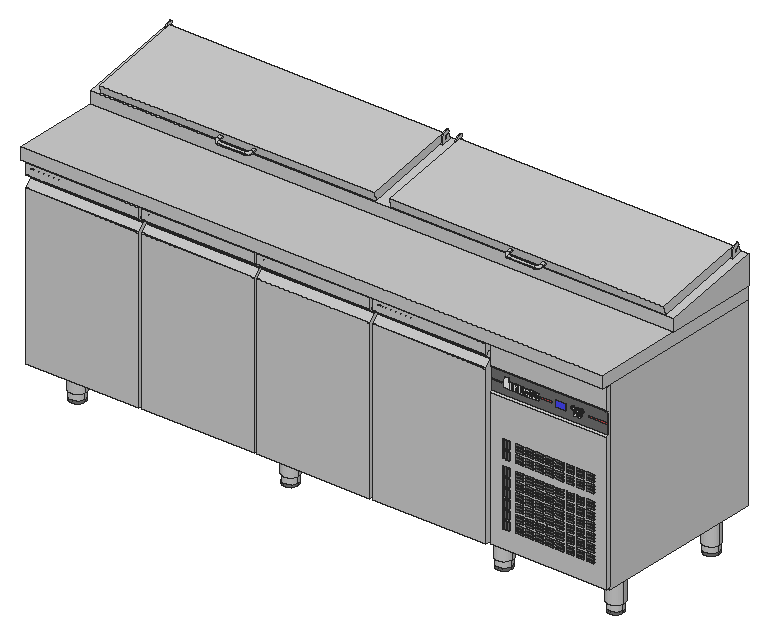
Revit family "QF_INOMAK_ZPZP9999_250612094629", category Specialty Equipment, Revit 2021 (continued)
Definition of nested family "QF_INOMAK_REF_COUNTERS_2242_2920"
  Definition of nested family "QF_INOMAK_CONRTOL-PANEL"
    Forms (mm)
      Extrusion 1, solid
        sketch origin (-2240, -700, 0) x (-1, 0, 0) y (0, 0, 1)
          loop
            arc (-1918.4, 258.855) -> (-1921.4, 255.855) -> (-1918.4, 252.855) r 3
            line (-1918.4, 252.855) -> (-1894.4, 252.855)
            arc (-1894.4, 252.855) -> (-1891.4, 255.855) -> (-1894.4, 258.855) r 3
            line (-1894.4, 258.855) -> (-1918.4, 258.855)
          loop
            arc (-2191.4, 247.855) -> (-2194.4, 244.855) -> (-2191.4, 241.855) r 3
            line (-2191.4, 241.855) -> (-2167.4, 241.855)
            arc (-2167.4, 241.855) -> (-2164.4, 244.855) -> (-2167.4, 247.855) r 3
            line (-2167.4, 247.855) -> (-2191.4, 247.855)
          loop
            arc (-2152.4, 247.855) -> (-2155.4, 244.855) -> (-2152.4, 241.855) r 3
            line (-2152.4, 241.855) -> (-2128.4, 241.855)
            arc (-2128.4, 241.855) -> (-2125.4, 244.855) -> (-2128.4, 247.855) r 3
            line (-2128.4, 247.855) -> (-2152.4, 247.855)
          loop
            arc (-2113.4, 247.855) -> (-2116.4, 244.855) -> (-2113.4, 241.855) r 3
            line (-2113.4, 241.855) -> (-2089.4, 241.855)
            arc (-2089.4, 241.855) -> (-2086.4, 244.855) -> (-2089.4, 247.855) r 3
            line (-2089.4, 247.855) -> (-2113.4, 247.855)
          loop
            arc (-2074.4, 247.855) -> (-2077.4, 244.855) -> (-2074.4, 241.855) r 3
            line (-2074.4, 241.855) -> (-2050.4, 241.855)
            arc (-2050.4, 241.855) -> (-2047.4, 244.855) -> (-2050.4, 247.855) r 3
            line (-2050.4, 247.855) -> (-2074.4, 247.855)
          loop
            arc (-2035.4, 247.855) -> (-2038.4, 244.855) -> (-2035.4, 241.855) r 3
            line (-2035.4, 241.855) -> (-2011.4, 241.855)
            arc (-2011.4, 241.855) -> (-2008.4, 244.855) -> (-2011.4, 247.855) r 3
            line (-2011.4, 247.855) -> (-2035.4, 247.855)
          loop
            arc (-1996.4, 247.855) -> (-1999.4, 244.855) -> (-1996.4, 241.855) r 3
            line (-1996.4, 241.855) -> (-1972.4, 241.855)
            arc (-1972.4, 241.855) -> (-1969.4, 244.855) -> (-1972.4, 247.855) r 3
            line (-1972.4, 247.855) -> (-1996.4, 247.855)
          loop
            arc (-1957.4, 247.855) -> (-1960.4, 244.855) -> (-1957.4, 241.855) r 3
            line (-1957.4, 241.855) -> (-1933.4, 241.855)
            arc (-1933.4, 241.855) -> (-1930.4, 244.855) -> (-1933.4, 247.855) r 3
            line (-1933.4, 247.855) -> (-1957.4, 247.855)
          loop
            arc (-1918.4, 247.855) -> (-1921.4, 244.855) -> (-1918.4, 241.855) r 3
            line (-1918.4, 241.855) -> (-1894.4, 241.855)
            arc (-1894.4, 241.855) -> (-1891.4, 244.855) -> (-1894.4, 247.855) r 3
            line (-1894.4, 247.855) -> (-1918.4, 247.855)
          loop
            arc (-2191.4, 236.855) -> (-2194.4, 233.855) -> (-2191.4, 230.855) r 3
            line (-2191.4, 230.855) -> (-2167.4, 230.855)
            arc (-2167.4, 230.855) -> (-2164.4, 233.855) -> (-2167.4, 236.855) r 3
            line (-2167.4, 236.855) -> (-2191.4, 236.855)
          loop
            arc (-2152.4, 236.855) -> (-2155.4, 233.855) -> (-2152.4, 230.855) r 3
            line (-2152.4, 230.855) -> (-2128.4, 230.855)
            arc (-2128.4, 230.855) -> (-2125.4, 233.855) -> (-2128.4, 236.855) r 3
            line (-2128.4, 236.855) -> (-2152.4, 236.855)
          loop
            arc (-2113.4, 236.855) -> (-2116.4, 233.855) -> (-2113.4, 230.855) r 3
            line (-2113.4, 230.855) -> (-2089.4, 230.855)
            arc (-2089.4, 230.855) -> (-2086.4, 233.855) -> (-2089.4, 236.855) r 3
            line (-2089.4, 236.855) -> (-2113.4, 236.855)
          loop
            arc (-2074.4, 236.855) -> (-2077.4, 233.855) -> (-2074.4, 230.855) r 3
            line (-2074.4, 230.855) -> (-2050.4, 230.855)
            arc (-2050.4, 230.855) -> (-2047.4, 233.855) -> (-2050.4, 236.855) r 3
            line (-2050.4, 236.855) -> (-2074.4, 236.855)
          loop
            arc (-2035.4, 236.855) -> (-2038.4, 233.855) -> (-2035.4, 230.855) r 3
            line (-2035.4, 230.855) -> (-2011.4, 230.855)
            arc (-2011.4, 230.855) -> (-2008.4, 233.855) -> (-2011.4, 236.855) r 3
            line (-2011.4, 236.855) -> (-2035.4, 236.855)
          loop
            arc (-1996.4, 236.855) -> (-1999.4, 233.855) -> (-1996.4, 230.855) r 3
            line (-1996.4, 230.855) -> (-1972.4, 230.855)
            arc (-1972.4, 230.855) -> (-1969.4, 233.855) -> (-1972.4, 236.855) r 3
            line (-1972.4, 236.855) -> (-1996.4, 236.855)
          loop
            arc (-1957.4, 236.855) -> (-1960.4, 233.855) -> (-1957.4, 230.855) r 3
            line (-1957.4, 230.855) -> (-1933.4, 230.855)
            arc (-1933.4, 230.855) -> (-1930.4, 233.855) -> (-1933.4, 236.855) r 3
            line (-1933.4, 236.855) -> (-1957.4, 236.855)
          loop
            arc (-1918.4, 236.855) -> (-1921.4, 233.855) -> (-1918.4, 230.855) r 3
            line (-1918.4, 230.855) -> (-1894.4, 230.855)
            arc (-1894.4, 230.855) -> (-1891.4, 233.855) -> (-1894.4, 236.855) r 3
            line (-1894.4, 236.855) -> (-1918.4, 236.855)
          loop
            arc (-2191.4, 221.855) -> (-2194.4, 218.855) -> (-2191.4, 215.855) r 3
            line (-2191.4, 215.855) -> (-2167.4, 215.855)
            arc (-2167.4, 215.855) -> (-2164.4, 218.855) -> (-2167.4, 221.855) r 3
            line (-2167.4, 221.855) -> (-2191.4, 221.855)
          loop
            arc (-2152.4, 221.855) -> (-2155.4, 218.855) -> (-2152.4, 215.855) r 3
            line (-2152.4, 215.855) -> (-2128.4, 215.855)
            arc (-2128.4, 215.855) -> (-2125.4, 218.855) -> (-2128.4, 221.855) r 3
            line (-2128.4, 221.855) -> (-2152.4, 221.855)
          loop
            arc (-2113.4, 221.855) -> (-2116.4, 218.855) -> (-2113.4, 215.855) r 3
            line (-2113.4, 215.855) -> (-2089.4, 215.855)
            arc (-2089.4, 215.855) -> (-2086.4, 218.855) -> (-2089.4, 221.855) r 3
            line (-2089.4, 221.855) -> (-2113.4, 221.855)
          loop
            arc (-2074.4, 221.855) -> (-2077.4, 218.855) -> (-2074.4, 215.855) r 3
            line (-2074.4, 215.855) -> (-2050.4, 215.855)
            arc (-2050.4, 215.855) -> (-2047.4, 218.855) -> (-2050.4, 221.855) r 3
            line (-2050.4, 221.855) -> (-2074.4, 221.855)
          loop
            arc (-2035.4, 221.855) -> (-2038.4, 218.855) -> (-2035.4, 215.855) r 3
            line (-2035.4, 215.855) -> (-2011.4, 215.855)
            arc (-2011.4, 215.855) -> (-2008.4, 218.855) -> (-2011.4, 221.855) r 3
            line (-2011.4, 221.855) -> (-2035.4, 221.855)
          loop
            arc (-1996.4, 221.855) -> (-1999.4, 218.855) -> (-1996.4, 215.855) r 3
            line (-1996.4, 215.855) -> (-1972.4, 215.855)
            arc (-1972.4, 215.855) -> (-1969.4, 218.855) -> (-1972.4, 221.855) r 3
            line (-1972.4, 221.855) -> (-1996.4, 221.855)
          loop
            arc (-1957.4, 221.855) -> (-1960.4, 218.855) -> (-1957.4, 215.855) r 3
            line (-1957.4, 215.855) -> (-1933.4, 215.855)
            arc (-1933.4, 215.855) -> (-1930.4, 218.855) -> (-1933.4, 221.855) r 3
            line (-1933.4, 221.855) -> (-1957.4, 221.855)
          loop
            arc (-1918.4, 221.855) -> (-1921.4, 218.855) -> (-1918.4, 215.855) r 3
            line (-1918.4, 215.855) -> (-1894.4, 215.855)
            arc (-1894.4, 215.855) -> (-1891.4, 218.855) -> (-1894.4, 221.855) r 3
            line (-1894.4, 221.855) -> (-1918.4, 221.855)
          loop
            arc (-2191.4, 210.855) -> (-2194.4, 207.855) -> (-2191.4, 204.855) r 3
            line (-2191.4, 204.855) -> (-2167.4, 204.855)
            arc (-2167.4, 204.855) -> (-2164.4, 207.855) -> (-2167.4, 210.855) r 3
            line (-2167.4, 210.855) -> (-2191.4, 210.855)
          loop
            arc (-2152.4, 210.855) -> (-2155.4, 207.855) -> (-2152.4, 204.855) r 3
            line (-2152.4, 204.855) -> (-2128.4, 204.855)
            arc (-2128.4, 204.855) -> (-2125.4, 207.855) -> (-2128.4, 210.855) r 3
            line (-2128.4, 210.855) -> (-2152.4, 210.855)
          loop
            arc (-2113.4, 210.855) -> (-2116.4, 207.855) -> (-2113.4, 204.855) r 3
            line (-2113.4, 204.855) -> (-2089.4, 204.855)
            arc (-2089.4, 204.855) -> (-2086.4, 207.855) -> (-2089.4, 210.855) r 3
            line (-2089.4, 210.855) -> (-2113.4, 210.855)
          loop
            arc (-2074.4, 210.855) -> (-2077.4, 207.855) -> (-2074.4, 204.855) r 3
            line (-2074.4, 204.855) -> (-2050.4, 204.855)
            arc (-2050.4, 204.855) -> (-2047.4, 207.855) -> (-2050.4, 210.855) r 3
            line (-2050.4, 210.855) -> (-2074.4, 210.855)
          loop
            arc (-2035.4, 210.855) -> (-2038.4, 207.855) -> (-2035.4, 204.855) r 3
            line (-2035.4, 204.855) -> (-2011.4, 204.855)
            arc (-2011.4, 204.855) -> (-2008.4, 207.855) -> (-2011.4, 210.855) r 3
            line (-2011.4, 210.855) -> (-2035.4, 210.855)
          loop
            arc (-1996.4, 210.855) -> (-1999.4, 207.855) -> (-1996.4, 204.855) r 3
            line (-1996.4, 204.855) -> (-1972.4, 204.855)
            arc (-1972.4, 204.855) -> (-1969.4, 207.855) -> (-1972.4, 210.855) r 3
            line (-1972.4, 210.855) -> (-1996.4, 210.855)
          loop
            arc (-1957.4, 210.855) -> (-1960.4, 207.855) -> (-1957.4, 204.855) r 3
            line (-1957.4, 204.855) -> (-1933.4, 204.855)
            arc (-1933.4, 204.855) -> (-1930.4, 207.855) -> (-1933.4, 210.855) r 3
            line (-1933.4, 210.855) -> (-1957.4, 210.855)
          loop
            arc (-1918.4, 210.855) -> (-1921.4, 207.855) -> (-1918.4, 204.855) r 3
            line (-1918.4, 204.855) -> (-1894.4, 204.855)
            arc (-1894.4, 204.855) -> (-1891.4, 207.855) -> (-1894.4, 210.855) r 3
            line (-1894.4, 210.855) -> (-1918.4, 210.855)
          loop
            arc (-2191.4, 199.855) -> (-2194.4, 196.855) -> (-2191.4, 193.855) r 3
            line (-2191.4, 193.855) -> (-2167.4, 193.855)
            arc (-2167.4, 193.855) -> (-2164.4, 196.855) -> (-2167.4, 199.855) r 3
            line (-2167.4, 199.855) -> (-2191.4, 199.855)
          loop
            arc (-2152.4, 199.855) -> (-2155.4, 196.855) -> (-2152.4, 193.855) r 3
            line (-2152.4, 193.855) -> (-2128.4, 193.855)
            arc (-2128.4, 193.855) -> (-2125.4, 196.855) -> (-2128.4, 199.855) r 3
            line (-2128.4, 199.855) -> (-2152.4, 199.855)
          loop
            arc (-2113.4, 199.855) -> (-2116.4, 196.855) -> (-2113.4, 193.855) r 3
            line (-2113.4, 193.855) -> (-2089.4, 193.855)
            arc (-2089.4, 193.855) -> (-2086.4, 196.855) -> (-2089.4, 199.855) r 3
            line (-2089.4, 199.855) -> (-2113.4, 199.855)
          loop
            arc (-2074.4, 199.855) -> (-2077.4, 196.855) -> (-2074.4, 193.855) r 3
            line (-2074.4, 193.855) -> (-2050.4, 193.855)
            arc (-2050.4, 193.855) -> (-2047.4, 196.855) -> (-2050.4, 199.855) r 3
            line (-2050.4, 199.855) -> (-2074.4, 199.855)
          loop
            arc (-2035.4, 199.855) -> (-2038.4, 196.855) -> (-2035.4, 193.855) r 3
            line (-2035.4, 193.855) -> (-2011.4, 193.855)
            arc (-2011.4, 193.855) -> (-2008.4, 196.855) -> (-2011.4, 199.855) r 3
            line (-2011.4, 199.855) -> (-2035.4, 199.855)
          loop
            arc (-1996.4, 199.855) -> (-1999.4, 196.855) -> (-1996.4, 193.855) r 3
            line (-1996.4, 193.855) -> (-1972.4, 193.855)
            arc (-1972.4, 193.855) -> (-1969.4, 196.855) -> (-1972.4, 199.855) r 3
            line (-1972.4, 199.855) -> (-1996.4, 199.855)
          loop
            arc (-1957.4, 199.855) -> (-1960.4, 196.855) -> (-1957.4, 193.855) r 3
            line (-1957.4, 193.855) -> (-1933.4, 193.855)
            arc (-1933.4, 193.855) -> (-1930.4, 196.855) -> (-1933.4, 199.855) r 3
            line (-1933.4, 199.855) -> (-1957.4, 199.855)
          loop
            arc (-1918.4, 199.855) -> (-1921.4, 196.855) -> (-1918.4, 193.855) r 3
            line (-1918.4, 193.855) -> (-1894.4, 193.855)
            arc (-1894.4, 193.855) -> (-1891.4, 196.855) -> (-1894.4, 199.855) r 3
            line (-1894.4, 199.855) -> (-1918.4, 199.855)
          loop
            arc (-2191.4, 184.855) -> (-2194.4, 181.855) -> (-2191.4, 178.855) r 3
            line (-2191.4, 178.855) -> (-2167.4, 178.855)
            arc (-2167.4, 178.855) -> (-2164.4, 181.855) -> (-2167.4, 184.855) r 3
            line (-2167.4, 184.855) -> (-2191.4, 184.855)
          loop
            arc (-2152.4, 184.855) -> (-2155.4, 181.855) -> (-2152.4, 178.855) r 3
            line (-2152.4, 178.855) -> (-2128.4, 178.855)
            arc (-2128.4, 178.855) -> (-2125.4, 181.855) -> (-2128.4, 184.855) r 3
            line (-2128.4, 184.855) -> (-2152.4, 184.855)
          loop
            arc (-2113.4, 184.855) -> (-2116.4, 181.855) -> (-2113.4, 178.855) r 3
            line (-2113.4, 178.855) -> (-2089.4, 178.855)
            arc (-2089.4, 178.855) -> (-2086.4, 181.855) -> (-2089.4, 184.855) r 3
            line (-2089.4, 184.855) -> (-2113.4, 184.855)
          loop
            arc (-2074.4, 184.855) -> (-2077.4, 181.855) -> (-2074.4, 178.855) r 3
            line (-2074.4, 178.855) -> (-2050.4, 178.855)
            arc (-2050.4, 178.855) -> (-2047.4, 181.855) -> (-2050.4, 184.855) r 3
            line (-2050.4, 184.855) -> (-2074.4, 184.855)
          loop
            arc (-2035.4, 184.855) -> (-2038.4, 181.855) -> (-2035.4, 178.855) r 3
            line (-2035.4, 178.855) -> (-2011.4, 178.855)
            arc (-2011.4, 178.855) -> (-2008.4, 181.855) -> (-2011.4, 184.855) r 3
            line (-2011.4, 184.855) -> (-2035.4, 184.855)
          loop
            arc (-1996.4, 184.855) -> (-1999.4, 181.855) -> (-1996.4, 178.855) r 3
            line (-1996.4, 178.855) -> (-1972.4, 178.855)
            arc (-1972.4, 178.855) -> (-1969.4, 181.855) -> (-1972.4, 184.855) r 3
            line (-1972.4, 184.855) -> (-1996.4, 184.855)
          loop
            arc (-1957.4, 184.855) -> (-1960.4, 181.855) -> (-1957.4, 178.855) r 3
            line (-1957.4, 178.855) -> (-1933.4, 178.855)
            arc (-1933.4, 178.855) -> (-1930.4, 181.855) -> (-1933.4, 184.855) r 3
            line (-1933.4, 184.855) -> (-1957.4, 184.855)
          loop
            arc (-1918.4, 184.855) -> (-1921.4, 181.855) -> (-1918.4, 178.855) r 3
            line (-1918.4, 178.855) -> (-1894.4, 178.855)
            arc (-1894.4, 178.855) -> (-1891.4, 181.855) -> (-1894.4, 184.855) r 3
            line (-1894.4, 184.855) -> (-1918.4, 184.855)
          loop
            arc (-2191.4, 173.855) -> (-2194.4, 170.855) -> (-2191.4, 167.855) r 3
            line (-2191.4, 167.855) -> (-2167.4, 167.855)
            arc (-2167.4, 167.855) -> (-2164.4, 170.855) -> (-2167.4, 173.855) r 3
            line (-2167.4, 173.855) -> (-2191.4, 173.855)
          loop
            arc (-2152.4, 173.855) -> (-2155.4, 170.855) -> (-2152.4, 167.855) r 3
            line (-2152.4, 167.855) -> (-2128.4, 167.855)
            arc (-2128.4, 167.855) -> (-2125.4, 170.855) -> (-2128.4, 173.855) r 3
            line (-2128.4, 173.855) -> (-2152.4, 173.855)
          loop
            arc (-2113.4, 173.855) -> (-2116.4, 170.855) -> (-2113.4, 167.855) r 3
            line (-2113.4, 167.855) -> (-2089.4, 167.855)
            arc (-2089.4, 167.855) -> (-2086.4, 170.855) -> (-2089.4, 173.855) r 3
            line (-2089.4, 173.855) -> (-2113.4, 173.855)
          loop
            arc (-2074.4, 173.855) -> (-2077.4, 170.855) -> (-2074.4, 167.855) r 3
            line (-2074.4, 167.855) -> (-2050.4, 167.855)
            arc (-2050.4, 167.855) -> (-2047.4, 170.855) -> (-2050.4, 173.855) r 3
            line (-2050.4, 173.855) -> (-2074.4, 173.855)
          loop
            arc (-2035.4, 173.855) -> (-2038.4, 170.855) -> (-2035.4, 167.855) r 3
            line (-2035.4, 167.855) -> (-2011.4, 167.855)
            arc (-2011.4, 167.855) -> (-2008.4, 170.855) -> (-2011.4, 173.855) r 3
            line (-2011.4, 173.855) -> (-2035.4, 173.855)
          loop
            arc (-1996.4, 173.855) -> (-1999.4, 170.855) -> (-1996.4, 167.855) r 3
            line (-1996.4, 167.855) -> (-1972.4, 167.855)
            arc (-1972.4, 167.855) -> (-1969.4, 170.855) -> (-1972.4, 173.855) r 3
            line (-1972.4, 173.855) -> (-1996.4, 173.855)
          loop
            arc (-1957.4, 173.855) -> (-1960.4, 170.855) -> (-1957.4, 167.855) r 3
            line (-1957.4, 167.855) -> (-1933.4, 167.855)
            arc (-1933.4, 167.855) -> (-1930.4, 170.855) -> (-1933.4, 173.855) r 3
            line (-1933.4, 173.855) -> (-1957.4, 173.855)
          loop
            arc (-1918.4, 173.855) -> (-1921.4, 170.855) -> (-1918.4, 167.855) r 3
            line (-1918.4, 167.855) -> (-1894.4, 167.855)
            arc (-1894.4, 167.855) -> (-1891.4, 170.855) -> (-1894.4, 173.855) r 3
            line (-1894.4, 173.855) -> (-1918.4, 173.855)
          loop
            arc (-2191.4, 162.855) -> (-2194.4, 159.855) -> (-2191.4, 156.855) r 3
            line (-2191.4, 156.855) -> (-2167.4, 156.855)
            arc (-2167.4, 156.855) -> (-2164.4, 159.855) -> (-2167.4, 162.855) r 3
            line (-2167.4, 162.855) -> (-2191.4, 162.855)
          loop
            arc (-2152.4, 162.855) -> (-2155.4, 159.855) -> (-2152.4, 156.855) r 3
            line (-2152.4, 156.855) -> (-2128.4, 156.855)
            arc (-2128.4, 156.855) -> (-2125.4, 159.855) -> (-2128.4, 162.855) r 3
            line (-2128.4, 162.855) -> (-2152.4, 162.855)
          loop
            arc (-2113.4, 162.855) -> (-2116.4, 159.855) -> (-2113.4, 156.855) r 3
            line (-2113.4, 156.855) -> (-2089.4, 156.855)
            arc (-2089.4, 156.855) -> (-2086.4, 159.855) -> (-2089.4, 162.855) r 3
            line (-2089.4, 162.855) -> (-2113.4, 162.855)
          loop
            arc (-2074.4, 162.855) -> (-2077.4, 159.855) -> (-2074.4, 156.855) r 3
            line (-2074.4, 156.855) -> (-2050.4, 156.855)
            arc (-2050.4, 156.855) -> (-2047.4, 159.855) -> (-2050.4, 162.855) r 3
            line (-2050.4, 162.855) -> (-2074.4, 162.855)
          loop
            arc (-2035.4, 162.855) -> (-2038.4, 159.855) -> (-2035.4, 156.855) r 3
            line (-2035.4, 156.855) -> (-2011.4, 156.855)
            arc (-2011.4, 156.855) -> (-2008.4, 159.855) -> (-2011.4, 162.855) r 3
            line (-2011.4, 162.855) -> (-2035.4, 162.855)
          loop
            arc (-1996.4, 162.855) -> (-1999.4, 159.855) -> (-1996.4, 156.855) r 3
            line (-1996.4, 156.855) -> (-1972.4, 156.855)
            arc (-1972.4, 156.855) -> (-1969.4, 159.855) -> (-1972.4, 162.855) r 3
            line (-1972.4, 162.855) -> (-1996.4, 162.855)
          loop
            arc (-1957.4, 162.855) -> (-1960.4, 159.855) -> (-1957.4, 156.855) r 3
            line (-1957.4, 156.855) -> (-1933.4, 156.855)
            arc (-1933.4, 156.855) -> (-1930.4, 159.855) -> (-1933.4, 162.855) r 3
            line (-1933.4, 162.855) -> (-1957.4, 162.855)
          loop
            arc (-1918.4, 162.855) -> (-1921.4, 159.855) -> (-1918.4, 156.855) r 3
            line (-1918.4, 156.855) -> (-1894.4, 156.855)
            arc (-1894.4, 156.855) -> (-1891.4, 159.855) -> (-1894.4, 162.855) r 3
            line (-1894.4, 162.855) -> (-1918.4, 162.855)
          loop
            arc (-2191.4, 147.855) -> (-2194.4, 144.855) -> (-2191.4, 141.855) r 3
            line (-2191.4, 141.855) -> (-2167.4, 141.855)
            arc (-2167.4, 141.855) -> (-2164.4, 144.855) -> (-2167.4, 147.855) r 3
            line (-2167.4, 147.855) -> (-2191.4, 147.855)
          loop
            arc (-2152.4, 147.855) -> (-2155.4, 144.855) -> (-2152.4, 141.855) r 3
            line (-2152.4, 141.855) -> (-2128.4, 141.855)
            arc (-2128.4, 141.855) -> (-2125.4, 144.855) -> (-2128.4, 147.855) r 3
            line (-2128.4, 147.855) -> (-2152.4, 147.855)
          loop
            arc (-2113.4, 147.855) -> (-2116.4, 144.855) -> (-2113.4, 141.855) r 3
            line (-2113.4, 141.855) -> (-2089.4, 141.855)
            arc (-2089.4, 141.855) -> (-2086.4, 144.855) -> (-2089.4, 147.855) r 3
            line (-2089.4, 147.855) -> (-2113.4, 147.855)
          loop
            arc (-2074.4, 147.855) -> (-2077.4, 144.855) -> (-2074.4, 141.855) r 3
            line (-2074.4, 141.855) -> (-2050.4, 141.855)
            arc (-2050.4, 141.855) -> (-2047.4, 144.855) -> (-2050.4, 147.855) r 3
            line (-2050.4, 147.855) -> (-2074.4, 147.855)
          loop
            arc (-2035.4, 147.855) -> (-2038.4, 144.855) -> (-2035.4, 141.855) r 3
            line (-2035.4, 141.855) -> (-2011.4, 141.855)
            arc (-2011.4, 141.855) -> (-2008.4, 144.855) -> (-2011.4, 147.855) r 3
            line (-2011.4, 147.855) -> (-2035.4, 147.855)
          loop
            arc (-1996.4, 147.855) -> (-1999.4, 144.855) -> (-1996.4, 141.855) r 3
            line (-1996.4, 141.855) -> (-1972.4, 141.855)
            arc (-1972.4, 141.855) -> (-1969.4, 144.855) -> (-1972.4, 147.855) r 3
            line (-1972.4, 147.855) -> (-1996.4, 147.855)
          loop
            arc (-1957.4, 147.855) -> (-1960.4, 144.855) -> (-1957.4, 141.855) r 3
            line (-1957.4, 141.855) -> (-1933.4, 141.855)
            arc (-1933.4, 141.855) -> (-1930.4, 144.855) -> (-1933.4, 147.855) r 3
            line (-1933.4, 147.855) -> (-1957.4, 147.855)
          loop
            arc (-1918.4, 147.855) -> (-1921.4, 144.855) -> (-1918.4, 141.855) r 3
            line (-1918.4, 141.855) -> (-1894.4, 141.855)
            arc (-1894.4, 141.855) -> (-1891.4, 144.855) -> (-1894.4, 147.855) r 3
            line (-1894.4, 147.855) -> (-1918.4, 147.855)
          loop
            arc (-2191.4, 136.855) -> (-2194.4, 133.855) -> (-2191.4, 130.855) r 3
            line (-2191.4, 130.855) -> (-2167.4, 130.855)
            arc (-2167.4, 130.855) -> (-2164.4, 133.855) -> (-2167.4, 136.855) r 3
            line (-2167.4, 136.855) -> (-2191.4, 136.855)
          loop
            arc (-2152.4, 136.855) -> (-2155.4, 133.855) -> (-2152.4, 130.855) r 3
            line (-2152.4, 130.855) -> (-2128.4, 130.855)
            arc (-2128.4, 130.855) -> (-2125.4, 133.855) -> (-2128.4, 136.855) r 3
            line (-2128.4, 136.855) -> (-2152.4, 136.855)
          loop
            arc (-2113.4, 136.855) -> (-2116.4, 133.855) -> (-2113.4, 130.855) r 3
            line (-2113.4, 130.855) -> (-2089.4, 130.855)
            arc (-2089.4, 130.855) -> (-2086.4, 133.855) -> (-2089.4, 136.855) r 3
            line (-2089.4, 136.855) -> (-2113.4, 136.855)
          loop
            arc (-2074.4, 136.855) -> (-2077.4, 133.855) -> (-2074.4, 130.855) r 3
            line (-2074.4, 130.855) -> (-2050.4, 130.855)
            arc (-2050.4, 130.855) -> (-2047.4, 133.855) -> (-2050.4, 136.855) r 3
            line (-2050.4, 136.855) -> (-2074.4, 136.855)
          loop
            arc (-2035.4, 136.855) -> (-2038.4, 133.855) -> (-2035.4, 130.855) r 3
            line (-2035.4, 130.855) -> (-2011.4, 130.855)
            arc (-2011.4, 130.855) -> (-2008.4, 133.855) -> (-2011.4, 136.855) r 3
            line (-2011.4, 136.855) -> (-2035.4, 136.855)
          loop
            arc (-1996.4, 136.855) -> (-1999.4, 133.855) -> (-1996.4, 130.855) r 3
            line (-1996.4, 130.855) -> (-1972.4, 130.855)
            arc (-1972.4, 130.855) -> (-1969.4, 133.855) -> (-1972.4, 136.855) r 3
            line (-1972.4, 136.855) -> (-1996.4, 136.855)
          loop
            arc (-1957.4, 136.855) -> (-1960.4, 133.855) -> (-1957.4, 130.855) r 3
            line (-1957.4, 130.855) -> (-1933.4, 130.855)
            arc (-1933.4, 130.855) -> (-1930.4, 133.855) -> (-1933.4, 136.855) r 3
            line (-1933.4, 136.855) -> (-1957.4, 136.855)
          loop
            arc (-1918.4, 136.855) -> (-1921.4, 133.855) -> (-1918.4, 130.855) r 3
            line (-1918.4, 130.855) -> (-1894.4, 130.855)
            arc (-1894.4, 130.855) -> (-1891.4, 133.855) -> (-1894.4, 136.855) r 3
            line (-1894.4, 136.855) -> (-1918.4, 136.855)
          loop
            arc (-2191.4, 125.855) -> (-2194.4, 122.855) -> (-2191.4, 119.855) r 3
            line (-2191.4, 119.855) -> (-2167.4, 119.855)
            arc (-2167.4, 119.855) -> (-2164.4, 122.855) -> (-2167.4, 125.855) r 3
            line (-2167.4, 125.855) -> (-2191.4, 125.855)
          loop
            arc (-2152.4, 125.855) -> (-2155.4, 122.855) -> (-2152.4, 119.855) r 3
            line (-2152.4, 119.855) -> (-2128.4, 119.855)
            arc (-2128.4, 119.855) -> (-2125.4, 122.855) -> (-2128.4, 125.855) r 3
            line (-2128.4, 125.855) -> (-2152.4, 125.855)
          loop
            arc (-2113.4, 125.855) -> (-2116.4, 122.855) -> (-2113.4, 119.855) r 3
            line (-2113.4, 119.855) -> (-2089.4, 119.855)
            arc (-2089.4, 119.855) -> (-2086.4, 122.855) -> (-2089.4, 125.855) r 3
            line (-2089.4, 125.855) -> (-2113.4, 125.855)
          loop
            arc (-2074.4, 125.855) -> (-2077.4, 122.855) -> (-2074.4, 119.855) r 3
            line (-2074.4, 119.855) -> (-2050.4, 119.855)
            arc (-2050.4, 119.855) -> (-2047.4, 122.855) -> (-2050.4, 125.855) r 3
            line (-2050.4, 125.855) -> (-2074.4, 125.855)
          loop
            arc (-2035.4, 125.855) -> (-2038.4, 122.855) -> (-2035.4, 119.855) r 3
            line (-2035.4, 119.855) -> (-2011.4, 119.855)
            arc (-2011.4, 119.855) -> (-2008.4, 122.855) -> (-2011.4, 125.855) r 3
            line (-2011.4, 125.855) -> (-2035.4, 125.855)
          loop
            arc (-1996.4, 125.855) -> (-1999.4, 122.855) -> (-1996.4, 119.855) r 3
            line (-1996.4, 119.855) -> (-1972.4, 119.855)
            arc (-1972.4, 119.855) -> (-1969.4, 122.855) -> (-1972.4, 125.855) r 3
            line (-1972.4, 125.855) -> (-1996.4, 125.855)
          loop
            arc (-1957.4, 125.855) -> (-1960.4, 122.855) -> (-1957.4, 119.855) r 3
            line (-1957.4, 119.855) -> (-1933.4, 119.855)
            arc (-1933.4, 119.855) -> (-1930.4, 122.855) -> (-1933.4, 125.855) r 3
            line (-1933.4, 125.855) -> (-1957.4, 125.855)
          loop
            arc (-1918.4, 125.855) -> (-1921.4, 122.855) -> (-1918.4, 119.855) r 3
            line (-1918.4, 119.855) -> (-1894.4, 119.855)
            arc (-1894.4, 119.855) -> (-1891.4, 122.855) -> (-1894.4, 125.855) r 3
            line (-1894.4, 125.855) -> (-1918.4, 125.855)
          loop
            arc (-2191.4, 110.855) -> (-2194.4, 107.855) -> (-2191.4, 104.855) r 3
            line (-2191.4, 104.855) -> (-2167.4, 104.855)
            arc (-2167.4, 104.855) -> (-2164.4, 107.855) -> (-2167.4, 110.855) r 3
            line (-2167.4, 110.855) -> (-2191.4, 110.855)
          loop
            arc (-2152.4, 110.855) -> (-2155.4, 107.855) -> (-2152.4, 104.855) r 3
            line (-2152.4, 104.855) -> (-2128.4, 104.855)
            arc (-2128.4, 104.855) -> (-2125.4, 107.855) -> (-2128.4, 110.855) r 3
            line (-2128.4, 110.855) -> (-2152.4, 110.855)
          loop
            arc (-2113.4, 110.855) -> (-2116.4, 107.855) -> (-2113.4, 104.855) r 3
            line (-2113.4, 104.855) -> (-2089.4, 104.855)
            arc (-2089.4, 104.855) -> (-2086.4, 107.855) -> (-2089.4, 110.855) r 3
            line (-2089.4, 110.855) -> (-2113.4, 110.855)
          loop
            arc (-2074.4, 110.855) -> (-2077.4, 107.855) -> (-2074.4, 104.855) r 3
            line (-2074.4, 104.855) -> (-2050.4, 104.855)
            arc (-2050.4, 104.855) -> (-2047.4, 107.855) -> (-2050.4, 110.855) r 3
            line (-2050.4, 110.855) -> (-2074.4, 110.855)
          loop
            arc (-2035.4, 110.855) -> (-2038.4, 107.855) -> (-2035.4, 104.855) r 3
            line (-2035.4, 104.855) -> (-2011.4, 104.855)
            arc (-2011.4, 104.855) -> (-2008.4, 107.855) -> (-2011.4, 110.855) r 3
            line (-2011.4, 110.855) -> (-2035.4, 110.855)
          loop
            arc (-1996.4, 110.855) -> (-1999.4, 107.855) -> (-1996.4, 104.855) r 3
            line (-1996.4, 104.855) -> (-1972.4, 104.855)
            arc (-1972.4, 104.855) -> (-1969.4, 107.855) -> (-1972.4, 110.855) r 3
            line (-1972.4, 110.855) -> (-1996.4, 110.855)
          loop
            arc (-1957.4, 110.855) -> (-1960.4, 107.855) -> (-1957.4, 104.855) r 3
            line (-1957.4, 104.855) -> (-1933.4, 104.855)
            arc (-1933.4, 104.855) -> (-1930.4, 107.855) -> (-1933.4, 110.855) r 3
            line (-1933.4, 110.855) -> (-1957.4, 110.855)
          loop
            arc (-1918.4, 110.855) -> (-1921.4, 107.855) -> (-1918.4, 104.855) r 3
            line (-1918.4, 104.855) -> (-1894.4, 104.855)
            arc (-1894.4, 104.855) -> (-1891.4, 107.855) -> (-1894.4, 110.855) r 3
            line (-1894.4, 110.855) -> (-1918.4, 110.855)
          loop
            arc (-2191.4, 99.855) -> (-2194.4, 96.855) -> (-2191.4, 93.855) r 3
            line (-2191.4, 93.855) -> (-2167.4, 93.855)
            arc (-2167.4, 93.855) -> (-2164.4, 96.855) -> (-2167.4, 99.855) r 3
            line (-2167.4, 99.855) -> (-2191.4, 99.855)
          loop
            arc (-2152.4, 99.855) -> (-2155.4, 96.855) -> (-2152.4, 93.855) r 3
            line (-2152.4, 93.855) -> (-2128.4, 93.855)
            arc (-2128.4, 93.855) -> (-2125.4, 96.855) -> (-2128.4, 99.855) r 3
            line (-2128.4, 99.855) -> (-2152.4, 99.855)
          loop
            arc (-2113.4, 99.855) -> (-2116.4, 96.855) -> (-2113.4, 93.855) r 3
            line (-2113.4, 93.855) -> (-2089.4, 93.855)
            arc (-2089.4, 93.855) -> (-2086.4, 96.855) -> (-2089.4, 99.855) r 3
            line (-2089.4, 99.855) -> (-2113.4, 99.855)
          loop
            arc (-2074.4, 99.855) -> (-2077.4, 96.855) -> (-2074.4, 93.855) r 3
            line (-2074.4, 93.855) -> (-2050.4, 93.855)
            arc (-2050.4, 93.855) -> (-2047.4, 96.855) -> (-2050.4, 99.855) r 3
            line (-2050.4, 99.855) -> (-2074.4, 99.855)
          loop
            arc (-2035.4, 99.855) -> (-2038.4, 96.855) -> (-2035.4, 93.855) r 3
            line (-2035.4, 93.855) -> (-2011.4, 93.855)
            arc (-2011.4, 93.855) -> (-2008.4, 96.855) -> (-2011.4, 99.855) r 3
            line (-2011.4, 99.855) -> (-2035.4, 99.855)
          loop
            arc (-1996.4, 99.855) -> (-1999.4, 96.855) -> (-1996.4, 93.855) r 3
            line (-1996.4, 93.855) -> (-1972.4, 93.855)
            arc (-1972.4, 93.855) -> (-1969.4, 96.855) -> (-1972.4, 99.855) r 3
            line (-1972.4, 99.855) -> (-1996.4, 99.855)
          loop
            arc (-1957.4, 99.855) -> (-1960.4, 96.855) -> (-1957.4, 93.855) r 3
            line (-1957.4, 93.855) -> (-1933.4, 93.855)
            arc (-1933.4, 93.855) -> (-1930.4, 96.855) -> (-1933.4, 99.855) r 3
            line (-1933.4, 99.855) -> (-1957.4, 99.855)
          loop
            arc (-1918.4, 99.855) -> (-1921.4, 96.855) -> (-1918.4, 93.855) r 3
            line (-1918.4, 93.855) -> (-1894.4, 93.855)
            arc (-1894.4, 93.855) -> (-1891.4, 96.855) -> (-1894.4, 99.855) r 3
            line (-1894.4, 99.855) -> (-1918.4, 99.855)
          loop
            arc (-2191.4, 88.855) -> (-2194.4, 85.855) -> (-2191.4, 82.855) r 3
            line (-2191.4, 82.855) -> (-2167.4, 82.855)
            arc (-2167.4, 82.855) -> (-2164.4, 85.855) -> (-2167.4, 88.855) r 3
            line (-2167.4, 88.855) -> (-2191.4, 88.855)
          loop
            arc (-2152.4, 88.855) -> (-2155.4, 85.855) -> (-2152.4, 82.855) r 3
            line (-2152.4, 82.855) -> (-2128.4, 82.855)
            arc (-2128.4, 82.855) -> (-2125.4, 85.855) -> (-2128.4, 88.855) r 3
            line (-2128.4, 88.855) -> (-2152.4, 88.855)
          loop
            arc (-2113.4, 88.855) -> (-2116.4, 85.855) -> (-2113.4, 82.855) r 3
            line (-2113.4, 82.855) -> (-2089.4, 82.855)
            arc (-2089.4, 82.855) -> (-2086.4, 85.855) -> (-2089.4, 88.855) r 3
            line (-2089.4, 88.855) -> (-2113.4, 88.855)
          loop
            arc (-2074.4, 88.855) -> (-2077.4, 85.855) -> (-2074.4, 82.855) r 3
            line (-2074.4, 82.855) -> (-2050.4, 82.855)
            arc (-2050.4, 82.855) -> (-2047.4, 85.855) -> (-2050.4, 88.855) r 3
            line (-2050.4, 88.855) -> (-2074.4, 88.855)
          loop
            arc (-2035.4, 88.855) -> (-2038.4, 85.855) -> (-2035.4, 82.855) r 3
            line (-2035.4, 82.855) -> (-2011.4, 82.855)
            arc (-2011.4, 82.855) -> (-2008.4, 85.855) -> (-2011.4, 88.855) r 3
            line (-2011.4, 88.855) -> (-2035.4, 88.855)
          loop
            arc (-1996.4, 88.855) -> (-1999.4, 85.855) -> (-1996.4, 82.855) r 3
            line (-1996.4, 82.855) -> (-1972.4, 82.855)
            arc (-1972.4, 82.855) -> (-1969.4, 85.855) -> (-1972.4, 88.855) r 3
            line (-1972.4, 88.855) -> (-1996.4, 88.855)
          loop
            arc (-1957.4, 88.855) -> (-1960.4, 85.855) -> (-1957.4, 82.855) r 3
            line (-1957.4, 82.855) -> (-1933.4, 82.855)
            arc (-1933.4, 82.855) -> (-1930.4, 85.855) -> (-1933.4, 88.855) r 3
            line (-1933.4, 88.855) -> (-1957.4, 88.855)
          loop
            arc (-1918.4, 88.855) -> (-1921.4, 85.855) -> (-1918.4, 82.855) r 3
            line (-1918.4, 82.855) -> (-1894.4, 82.855)
            arc (-1894.4, 82.855) -> (-1891.4, 85.855) -> (-1894.4, 88.855) r 3
            line (-1894.4, 88.855) -> (-1918.4, 88.855)
          loop
            arc (-1840.4, 387.855) -> (-1843.4, 390.855) -> (-1846.4, 387.855) r 3
            line (-1846.4, 387.855) -> (-1846.4, 363.855)
            arc (-1846.4, 363.855) -> (-1843.4, 360.855) -> (-1840.4, 363.855) r 3
            line (-1840.4, 363.855) -> (-1840.4, 387.855)
          loop
            arc (-1851.4, 387.855) -> (-1854.4, 390.855) -> (-1857.4, 387.855) r 3
            line (-1857.4, 387.855) -> (-1857.4, 363.855)
            arc (-1857.4, 363.855) -> (-1854.4, 360.855) -> (-1851.4, 363.855) r 3
            line (-1851.4, 363.855) -> (-1851.4, 387.855)
          loop
            arc (-1862.4, 387.855) -> (-1865.4, 390.855) -> (-1868.4, 387.855) r 3
            line (-1868.4, 387.855) -> (-1868.4, 363.855)
            arc (-1868.4, 363.855) -> (-1865.4, 360.855) -> (-1862.4, 363.855) r 3
            line (-1862.4, 363.855) -> (-1862.4, 387.855)
          loop
            arc (-1840.4, 350.855) -> (-1843.4, 353.855) -> (-1846.4, 350.855) r 3
            line (-1846.4, 350.855) -> (-1846.4, 326.855)
            arc (-1846.4, 326.855) -> (-1843.4, 323.855) -> (-1840.4, 326.855) r 3
            line (-1840.4, 326.855) -> (-1840.4, 350.855)
          loop
            arc (-1851.4, 350.855) -> (-1854.4, 353.855) -> (-1857.4, 350.855) r 3
            line (-1857.4, 350.855) -> (-1857.4, 326.855)
            arc (-1857.4, 326.855) -> (-1854.4, 323.855) -> (-1851.4, 326.855) r 3
            line (-1851.4, 326.855) -> (-1851.4, 350.855)
          loop
            arc (-1862.4, 350.855) -> (-1865.4, 353.855) -> (-1868.4, 350.855) r 3
            line (-1868.4, 350.855) -> (-1868.4, 326.855)
            arc (-1868.4, 326.855) -> (-1865.4, 323.855) -> (-1862.4, 326.855) r 3
            line (-1862.4, 326.855) -> (-1862.4, 350.855)
          loop
            arc (-1840.4, 293.855) -> (-1843.4, 296.855) -> (-1846.4, 293.855) r 3
            line (-1846.4, 293.855) -> (-1846.4, 269.855)
            arc (-1846.4, 269.855) -> (-1843.4, 266.855) -> (-1840.4, 269.855) r 3
            line (-1840.4, 269.855) -> (-1840.4, 293.855)
          loop
            arc (-1851.4, 293.855) -> (-1854.4, 296.855) -> (-1857.4, 293.855) r 3
            line (-1857.4, 293.855) -> (-1857.4, 269.855)
            arc (-1857.4, 269.855) -> (-1854.4, 266.855) -> (-1851.4, 269.855) r 3
            line (-1851.4, 269.855) -> (-1851.4, 293.855)
          loop
            arc (-1862.4, 293.855) -> (-1865.4, 296.855) -> (-1868.4, 293.855) r 3
            line (-1868.4, 293.855) -> (-1868.4, 269.855)
            arc (-1868.4, 269.855) -> (-1865.4, 266.855) -> (-1862.4, 269.855) r 3
            line (-1862.4, 269.855) -> (-1862.4, 293.855)
          loop
            arc (-1840.4, 256.855) -> (-1843.4, 259.855) -> (-1846.4, 256.855) r 3
            line (-1846.4, 256.855) -> (-1846.4, 232.855)
            arc (-1846.4, 232.855) -> (-1843.4, 229.855) -> (-1840.4, 232.855) r 3
            line (-1840.4, 232.855) -> (-1840.4, 256.855)
          loop
            arc (-1851.4, 256.855) -> (-1854.4, 259.855) -> (-1857.4, 256.855) r 3
            line (-1857.4, 256.855) -> (-1857.4, 232.855)
            arc (-1857.4, 232.855) -> (-1854.4, 229.855) -> (-1851.4, 232.855) r 3
            line (-1851.4, 232.855) -> (-1851.4, 256.855)
          loop
            arc (-1862.4, 256.855) -> (-1865.4, 259.855) -> (-1868.4, 256.855) r 3
            line (-1868.4, 256.855) -> (-1868.4, 232.855)
            arc (-1868.4, 232.855) -> (-1865.4, 229.855) -> (-1862.4, 232.855) r 3
            line (-1862.4, 232.855) -> (-1862.4, 256.855)
          loop
            arc (-1840.4, 219.855) -> (-1843.4, 222.855) -> (-1846.4, 219.855) r 3
            line (-1846.4, 219.855) -> (-1846.4, 195.855)
            arc (-1846.4, 195.855) -> (-1843.4, 192.855) -> (-1840.4, 195.855) r 3
            line (-1840.4, 195.855) -> (-1840.4, 219.855)
          loop
            arc (-1851.4, 219.855) -> (-1854.4, 222.855) -> (-1857.4, 219.855) r 3
            line (-1857.4, 219.855) -> (-1857.4, 195.855)
            arc (-1857.4, 195.855) -> (-1854.4, 192.855) -> (-1851.4, 195.855) r 3
            line (-1851.4, 195.855) -> (-1851.4, 219.855)
          loop
            arc (-1862.4, 219.855) -> (-1865.4, 222.855) -> (-1868.4, 219.855) r 3
            line (-1868.4, 219.855) -> (-1868.4, 195.855)
            arc (-1868.4, 195.855) -> (-1865.4, 192.855) -> (-1862.4, 195.855) r 3
            line (-1862.4, 195.855) -> (-1862.4, 219.855)
          loop
            arc (-1840.4, 182.855) -> (-1843.4, 185.855) -> (-1846.4, 182.855) r 3
            line (-1846.4, 182.855) -> (-1846.4, 158.855)
            arc (-1846.4, 158.855) -> (-1843.4, 155.855) -> (-1840.4, 158.855) r 3
            line (-1840.4, 158.855) -> (-1840.4, 182.855)
          loop
            arc (-1851.4, 182.855) -> (-1854.4, 185.855) -> (-1857.4, 182.855) r 3
            line (-1857.4, 182.855) -> (-1857.4, 158.855)
            arc (-1857.4, 158.855) -> (-1854.4, 155.855) -> (-1851.4, 158.855) r 3
            line (-1851.4, 158.855) -> (-1851.4, 182.855)
          loop
            arc (-1862.4, 182.855) -> (-1865.4, 185.855) -> (-1868.4, 182.855) r 3
            line (-1868.4, 182.855) -> (-1868.4, 158.855)
            arc (-1868.4, 158.855) -> (-1865.4, 155.855) -> (-1862.4, 158.855) r 3
            line (-1862.4, 158.855) -> (-1862.4, 182.855)
          loop
            arc (-1840.4, 145.855) -> (-1843.4, 148.855) -> (-1846.4, 145.855) r 3
            line (-1846.4, 145.855) -> (-1846.4, 121.855)
            arc (-1846.4, 121.855) -> (-1843.4, 118.855) -> (-1840.4, 121.855) r 3
            line (-1840.4, 121.855) -> (-1840.4, 145.855)
          loop
            arc (-1851.4, 145.855) -> (-1854.4, 148.855) -> (-1857.4, 145.855) r 3
            line (-1857.4, 145.855) -> (-1857.4, 121.855)
            arc (-1857.4, 121.855) -> (-1854.4, 118.855) -> (-1851.4, 121.855) r 3
            line (-1851.4, 121.855) -> (-1851.4, 145.855)
          loop
            arc (-1862.4, 145.855) -> (-1865.4, 148.855) -> (-1868.4, 145.855) r 3
            line (-1868.4, 145.855) -> (-1868.4, 121.855)
            arc (-1868.4, 121.855) -> (-1865.4, 118.855) -> (-1862.4, 121.855) r 3
            line (-1862.4, 121.855) -> (-1862.4, 145.855)
          loop
            arc (-1840.4, 108.855) -> (-1843.4, 111.855) -> (-1846.4, 108.855) r 3
            line (-1846.4, 108.855) -> (-1846.4, 84.855)
            arc (-1846.4, 84.855) -> (-1843.4, 81.855) -> (-1840.4, 84.855) r 3
            line (-1840.4, 84.855) -> (-1840.4, 108.855)
          loop
            arc (-1851.4, 108.855) -> (-1854.4, 111.855) -> (-1857.4, 108.855) r 3
            line (-1857.4, 108.855) -> (-1857.4, 84.855)
            arc (-1857.4, 84.855) -> (-1854.4, 81.855) -> (-1851.4, 84.855) r 3
            line (-1851.4, 84.855) -> (-1851.4, 108.855)
          loop
            arc (-1862.4, 108.855) -> (-1865.4, 111.855) -> (-1868.4, 108.855) r 3
            line (-1868.4, 108.855) -> (-1868.4, 84.855)
            arc (-1868.4, 84.855) -> (-1865.4, 81.855) -> (-1862.4, 84.855) r 3
            line (-1862.4, 84.855) -> (-1862.4, 108.855)
        from 16.5 to 19
    Dimensions and locks
      "Length": plane 3 "Left" to plane 4 "Right"
      "Depth": plane 5 "Front" to plane 1 "Back"
      "Front offset": plane 7 "Front offset" to plane 5 "Front"
      "Height": plane 6 "Top" to plane 2
      aligned and locked: level to plane 2
    Automatic sketch dimensions
      plane 4 "Right" to Extrusion 1 sketch curve = 48.6 mm  (x3)
      Extrusion 1 sketch curve to Extrusion 1 sketch curve = 0 mm  (x322)
      Extrusion 1 sketch curve to Extrusion 1 sketch curve = 24 mm  (x53)
      Extrusion 1 sketch curve to Extrusion 1 sketch curve = 15 mm  (x52)
      Extrusion 1 sketch curve to Extrusion 1 sketch curve = 26 mm  (x7)
      Extrusion 1 sketch curve to Extrusion 1 sketch curve = 3 mm  (x216)
      Extrusion 1 sketch curve to Extrusion 1 sketch curve = 5 mm  (x144)
      level to Extrusion 1 sketch curve = 82.855 mm  (x2)
      Extrusion 1 sketch curve to Extrusion 1 sketch curve = 2 mm
      Extrusion 1 sketch curve to Extrusion 1 sketch curve = 9 mm  (x48)
      Extrusion 1 sketch curve to Extrusion 1 sketch curve = 13 mm  (x9)
      Extrusion 1 sketch curve to Extrusion 1 sketch curve = 29 mm  (x6)
      Extrusion 1 sketch curve to Extrusion 1 sketch curve = 33 mm
Definition of nested family "QF_INOMAK_REF_SALADETTE_WORKTOPS_PS_2242_7164"
  Parameters (values of type "WTPS-2242-700")
    Worktop thickness [instance] = 46 mm
    Weight [instance] = 0.00 kg
    Warranty Start Date [instance] = ""
    Warranty Duration [instance] = ""
    URL Cutsheet [instance] = ""
    URL = "www.inomak.com"
    Technical Documentation [instance] = ""
    Tag Number [instance] = ""
    Status [instance] = ""
    Specification by User [instance] = ""
    Specification by Manufacturer [instance] = ""
    Sound Level [instance] = ""
    Solid Fuel Type [instance] = ""
    Show Logo [instance] = yes
    Show Clearances [instance] = yes
    Service Life Duration [instance] = ""
    Serial Number [instance] = ""
    Seismic Rating [instance] = ""
    SMACNA No [instance] = ""
    Revision Code [instance] = ""
    Revision [instance] = ""
    Production Year [instance] = ""
    Point Load [instance] = 0
    Other Equipment Approvals [instance] = ""
    NAFEM Spec ID Number [instance] = ""
    Model Warning [instance] = ""
    Model = "WTPS"
    Masterspec [instance] = ""
    Manufacturer = "INOMAK"
    Length Actual [instance] = 2242 mm
    Item Number [instance] = ""
    Installed By [instance] = ""
    Installation Date [instance] = ""
    Identify Quantity as Lot [instance] = yes
    ID [instance] = ""
    Hygiene Approval [instance] = ""
    Height Actual [instance] = 0 mm
    Height AFF [instance] = 0 mm
    Furnished By [instance] = ""
    Foodservice Equipment Identifier [instance] = yes
    Finish [instance] = none
    ETL Approved [instance] = yes
    Description = "PREP STATIONS WITH STAINLESS STEEL TOP"
    Depth Actual [instance] = 700 mm
    Default Elevation = 0 mm
    CSI MasterFormat [instance] = ""
    CE Approved [instance] = yes
    Barcode [instance] = ""
    Author [instance] = ""
    Asset Identifier [instance] = ""
    Assembly Code = "E1090320"
    Accessory [instance] = yes
  Types (2, lengths in mm): name | Model | Description | Depth Actual
    WTPS-2242-700 | "WTPS" | "PREP STATIONS WITH STAINLESS STEEL TOP" | 700
    WTPS-2242-700-80 | "WTPS-80" | "PREP STATIONS WITH 80CM STAINLESS STEEL TOP" | 800
  Reference planes
    plane 1 "Back": y = 0
    plane 2: z = 0
    plane 3 "Left": x = 0
    plane 4 "Right": x = 2242
    plane 5 "Front": y = -700
    plane 6 "Top": z = 46
    plane 7 "Backsplash thickness": y = -20
    plane 8 "Worktop bottom": z = 0
    plane 9 "Upright height": z = 46
    plane 10 "Center Left Right": x = 1121
    plane 11: x = 35
    plane 12: y = -360
    plane 13: x = 1091
    plane 14 "X": x = 563
    plane 15: x = 2207
    plane 16: x = 1151
    plane 17 "Y": x = 1679
  Forms (mm)
    Extrusion 1, solid, material <- "Finish"
      sketch origin (2242, -1405.169, 4000) x (0, -1, 0) y (0, 0, 1)
        loop
          line (-1405.169, -3954) -> (-1045.169, -3954) -> (-1045.169, -3909) -> (-1405.169, -3842) -> (-1405.169, -3954)
      from 0 to 2242
    Extrusion 2, solid, material <- "Finish"
      sketch origin (1121, -2321.747, 3989.513) x (0, -0.999986, -0.005375) y (0, -0.005375, 0.999986)
        loop
          line (-1945.69, -3908.112) -> (-1940.36, -3878.589) -> (-2275.439, -3818.088) -> (-2280.77, -3847.611) -> (-1945.69, -3908.112)
      from 30 to 1086
    Sweep 3, solid, material <- "Finish"
      path origin (563, -177.944, 140.14) x (0, -0.983119, -0.182969) y (-1, 0, 0)
        loop
          line (182.969, -64) -> (197.969, -64)
          arc (197.969, -64) -> (206.795, -60.344) -> (210.451, -51.518) r 12.482
          line (210.451, -51.518) -> (210.451, 51.518)
          arc (210.451, 51.518) -> (206.795, 60.344) -> (197.969, 64) r 12.482
          line (197.969, 64) -> (182.969, 64)
      profile origin (563, -384.842, 101.634) x (0, 0.983119, 0.182969) y (0, 0.182969, -0.983119)
        loop
          circle (0, 0) r 5
    Extrusion 4, solid, material <- "Finish"
      sketch origin (0, 0.311, 34.937) x (0, 0.999986, 0.005375) y (0, -0.005375, 0.999986)
        loop
          line (-7.255, 121.69) -> (-10.809, 141.372) -> (-20.651, 135.69) -> (-20.651, 129.013)
          arc (-20.651, 129.013) -> (-24.467, 125.197) -> (-28.283, 129.013) r 3.816
          line (-28.283, 129.013) -> (-28.283, 139.013) -> (-12.073, 148.372) -> (-13.85, 158.213) -> (-20.651, 155.737) -> (-19.896, 151.556)
          arc (-19.896, 151.556) -> (-21.793, 148.822) -> (-24.526, 150.72) r 2.353
          line (-24.526, 150.72) -> (-25.137, 154.104)
          arc (-25.137, 154.104) -> (-36.008, 146.992) -> (-41.539, 135.237) r 23.853
          line (-41.539, 135.237) -> (-41.539, 115.5) -> (-7.255, 121.69)
      from 28 to 33
    Extrusion 5, solid, detail levels coarse
      sketch origin (1091, -181.008, 4001.019) x (0, -0.999986, -0.005375) y (0, -0.005375, 0.999986)
        loop
          arc (200.41, -3878.589) -> (140.669, -3629.668) -> (-76.049, -3493.419) r 339.139
          line (-76.049, -3493.419) -> (-134.67, -3818.088) -> (200.41, -3878.589)
      from 0 to 1056
    Extrusion 6, solid, material <- "Finish"
      sketch origin (1121, -2321.747, 3989.513) x (0, -0.999986, -0.005375) y (0, -0.005375, 0.999986)
        loop
          line (-2289.961, -3825.628) -> (-2293.514, -3845.31) -> (-2259.231, -3851.5) -> (-2259.231, -3831.763)
          arc (-2259.231, -3831.763) -> (-2264.762, -3820.008) -> (-2275.632, -3812.896) r 23.853
          line (-2275.632, -3812.896) -> (-2276.243, -3816.28)
          arc (-2276.243, -3816.28) -> (-2278.977, -3818.178) -> (-2280.874, -3815.444) r 2.353
          line (-2280.874, -3815.444) -> (-2280.119, -3811.263) -> (-2286.92, -3808.787) -> (-2288.697, -3818.628) -> (-2272.487, -3827.987) -> (-2272.487, -3837.987)
          arc (-2272.487, -3837.987) -> (-2276.303, -3841.803) -> (-2280.119, -3837.987) r 3.816
          line (-2280.119, -3837.987) -> (-2280.119, -3831.31) -> (-2289.961, -3825.628)
      from 23 to 28
    Extrusion 7, solid, material <- "Finish"
      sketch origin (1121, -2321.747, 3989.513) x (0, -0.999986, -0.005375) y (0, 0.005375, -0.999986)
        loop
          line (-1940.36, 3878.589) -> (-1945.69, 3908.112) -> (-2280.77, 3847.611) -> (-2275.439, 3818.088) -> (-1940.36, 3878.589)
      from 30 to 1086
    Sweep 8, solid, material <- "Finish"
      path origin (1679, -177.944, 140.14) x (0, -0.983119, -0.182969) y (1, 0, 0)
        loop
          line (182.969, -64) -> (197.969, -64)
          arc (197.969, -64) -> (206.795, -60.344) -> (210.451, -51.518) r 12.482
          line (210.451, -51.518) -> (210.451, 51.518)
          arc (210.451, 51.518) -> (206.795, 60.344) -> (197.969, 64) r 12.482
          line (197.969, 64) -> (182.969, 64)
      profile origin (1679, -384.842, 101.634) x (0, 0.983119, 0.182969) y (0, -0.182969, 0.983119)
        loop
          circle (0, 0) r 5
    Extrusion 9, solid, material <- "Finish"
      sketch origin (2207, -46.341, 4001.743) x (0, 0.999986, 0.005375) y (0, 0.005375, -0.999986)
        loop
          line (14.522, 3825.628) -> (18.075, 3845.31) -> (-16.208, 3851.5) -> (-16.208, 3831.763)
          arc (-16.208, 3831.763) -> (-10.678, 3820.008) -> (0.193, 3812.896) r 23.853
          line (0.193, 3812.896) -> (0.804, 3816.28)
          arc (0.804, 3816.28) -> (3.538, 3818.178) -> (5.435, 3815.444) r 2.353
          line (5.435, 3815.444) -> (4.68, 3811.263) -> (11.481, 3808.787) -> (13.258, 3818.628) -> (-2.952, 3827.987) -> (-2.952, 3837.987)
          arc (-2.952, 3837.987) -> (0.864, 3841.803) -> (4.68, 3837.987) r 3.816
          line (4.68, 3837.987) -> (4.68, 3831.31) -> (14.522, 3825.628)
      from -7 to -2
    Extrusion 10, solid, detail levels coarse
      sketch origin (2207, -46.341, 4001.743) x (0, 0.999986, 0.005375) y (0, 0.005375, -0.999986)
        loop
          arc (-335.08, 3878.589) -> (-275.338, 3629.668) -> (-58.621, 3493.419) r 339.139
          line (-58.621, 3493.419) -> (0, 3818.088) -> (-335.08, 3878.589)
      from 0 to 1056
    Extrusion 11, solid, material <- "Finish"
      sketch origin (1121, -2321.747, 3989.513) x (0, -0.999986, -0.005375) y (0, 0.005375, -0.999986)
        loop
          line (-2293.514, 3845.31) -> (-2289.961, 3825.628) -> (-2280.119, 3831.31) -> (-2280.119, 3837.987)
          arc (-2280.119, 3837.987) -> (-2276.303, 3841.803) -> (-2272.487, 3837.987) r 3.816
          line (-2272.487, 3837.987) -> (-2272.487, 3827.987) -> (-2288.697, 3818.628) -> (-2286.92, 3808.787) -> (-2280.119, 3811.263) -> (-2280.874, 3815.444)
          arc (-2280.874, 3815.444) -> (-2278.977, 3818.178) -> (-2276.243, 3816.28) r 2.353
          line (-2276.243, 3816.28) -> (-2275.632, 3812.896)
          arc (-2275.632, 3812.896) -> (-2264.762, 3820.008) -> (-2259.231, 3831.763) r 23.853
          line (-2259.231, 3831.763) -> (-2259.231, 3851.5) -> (-2293.514, 3845.31)
      from 23 to 28
  Lines and regions (mm)
    Masking region 1
      outline origin (0, 0, 46) x (0, 1, 0) y (-1, 0, 0)
        loop
          line (0, 0) -> (-700, 0) -> (-700, -2242) -> (0, -2242) -> (0, 0)
    symbolic lines
      curve 1: line (0, -360, 46) -> (2242, -360, 46)
      curve 2: line (35, -20, 46) -> (35, -360, 46)
      curve 3: line (1091, -20, 46) -> (35, -20, 46)
      curve 4: line (1091, -360, 46) -> (1091, -20, 46)
      curve 5: line (494, -360, 46) -> (494, -372.453, 46)
      curve 6: line (504, -360, 46) -> (504, -372.467, 46)
      curve 7: line (511.349, -379.816, 46) -> (614.651, -379.816, 46)
      curve 8: line (511.345, -389.797, 46) -> (614.655, -389.797, 46)
      curve 9: arc (494, -372.453, 46) -> (499.08, -384.717, 46) -> (511.345, -389.797, 46) r 17.345
      curve 10: arc (504, -372.467, 46) -> (506.153, -377.663, 46) -> (511.349, -379.816, 46) r 7.349
      curve 11: line (632, -360, 46) -> (632, -372.453, 46)
      curve 12: line (622, -360, 46) -> (622, -372.467, 46)
      curve 13: arc (632, -372.453, 46) -> (626.92, -384.717, 46) -> (614.655, -389.797, 46) r 17.345
      curve 14: arc (622, -372.467, 46) -> (619.847, -377.663, 46) -> (614.651, -379.816, 46) r 7.349
      curve 15: line (2207, -20, 46) -> (2207, -360, 46)
      curve 16: line (1151, -20, 46) -> (2207, -20, 46)
      curve 17: line (1151, -360, 46) -> (1151, -20, 46)
      curve 18: line (1748, -360, 46) -> (1748, -372.453, 46)
      curve 19: line (1738, -360, 46) -> (1738, -372.467, 46)
      curve 20: line (1730.651, -379.816, 46) -> (1627.349, -379.816, 46)
      curve 21: line (1730.655, -389.797, 46) -> (1627.345, -389.797, 46)
      curve 22: arc (1748, -372.453, 46) -> (1742.92, -384.717, 46) -> (1730.655, -389.797, 46) r 17.345
      curve 23: arc (1738, -372.467, 46) -> (1735.847, -377.663, 46) -> (1730.651, -379.816, 46) r 7.349
      curve 24: line (1610, -360, 46) -> (1610, -372.453, 46)
      curve 25: line (1620, -360, 46) -> (1620, -372.467, 46)
      curve 26: arc (1610, -372.453, 46) -> (1615.08, -384.717, 46) -> (1627.345, -389.797, 46) r 17.345
      curve 27: arc (1620, -372.467, 46) -> (1622.153, -377.663, 46) -> (1627.349, -379.816, 46) r 7.349
      curve 28: line (0, 0, 46) -> (2242, 0, 46)
      curve 29: line (0, -700, 46) -> (0, 0, 46)
      curve 30: line (2242, -700, 46) -> (0, -700, 46)
      curve 31: line (2242, 0, 46) -> (2242, -700, 46)
    reference lines
      curve 32: line (563, -357.824, 106.663) -> (563, -397.149, 99.344)
      curve 33: line (1679, -357.824, 106.663) -> (1679, -394.783, 99.784)
  Dimensions and locks
    "Length Actual": plane 3 "Left" to plane 4 "Right"
    "Depth Actual": plane 5 "Front" to plane 1 "Back"
    plane 7 "Backsplash thickness" to plane 1 "Back" = 20 mm
    "Worktop thickness": plane 6 "Top" to plane 8 "Worktop bottom"
    plane 9 "Upright height" to plane 6 "Top" = 0 mm
    equal spacing: plane 3 "Left", plane 10 "Center Left Right", plane 4 "Right"
    "Height AFF": plane 8 "Worktop bottom" to plane 2
    locked: plane 3 "Left" to plane 11 at 35
    locked: plane 1 "Back" to plane 12 at 360  (x2)
    equal spacing: plane 11, plane 14 "X", plane 13
    locked: plane 13 to plane 10 "Center Left Right" at 30
    equal spacing: plane 15, plane 17 "Y", plane 16
    locked: plane 10 "Center Left Right" to plane 16 at 30
    locked: plane 15 to plane 4 "Right" at 35
    locked: curve 32 to plane 9 "Upright height" at 60.663
    aligned and locked: level to plane 2
    aligned and locked: plane 3 "Left" to nested 1
    aligned and locked: plane 1 "Back" to nested 1
    aligned and locked: Extrusion 1 to plane 3 "Left"
    aligned and locked: Extrusion 2 to plane 11
    aligned and locked: Extrusion 1 to plane 12
    aligned and locked: Extrusion 2 to Extrusion 5
    aligned and locked: plane 15 to Extrusion 7
    aligned and locked: Extrusion 7 to Extrusion 10
    aligned and locked: plane 15 to curve 15
  Automatic sketch dimensions
    Extrusion 1 sketch curve to plane 1 "Back" = 0 mm
    Extrusion 1 sketch curve to plane 12 = 0 mm
    Extrusion 1 sketch curve to plane 6 "Top" = 0 mm
    plane 6 "Top" to Extrusion 1 sketch curve = 45 mm
    plane 6 "Top" to Extrusion 1 sketch curve = 112 mm
    Extrusion 2 sketch curve to plane 7 "Backsplash thickness" = 0.33 mm
    plane 6 "Top" to Extrusion 2 sketch curve = 108.216 mm
    Extrusion 2 sketch curve to Extrusion 2 sketch curve = 5.33 mm
    Extrusion 2 sketch curve to Extrusion 2 sketch curve = 335.08 mm
    Extrusion 2 sketch curve to Extrusion 2 sketch curve = 30.978 mm
    Extrusion 4 sketch curve to plane 7 "Backsplash thickness" = 21.848 mm
    plane 6 "Top" to Extrusion 4 sketch curve = 104.212 mm
    Extrusion 4 sketch curve to Extrusion 4 sketch curve = 13.256 mm
    Extrusion 4 sketch curve to Extrusion 4 sketch curve = 3.146 mm
    Extrusion 4 sketch curve to Extrusion 4 sketch curve = 0.611 mm
    Extrusion 4 sketch curve to Extrusion 4 sketch curve = 3.816 mm
    Extrusion 4 sketch curve to Extrusion 4 sketch curve = 2.315 mm  (x2)
    Extrusion 4 sketch curve to Extrusion 4 sketch curve = 4.487 mm
    Extrusion 4 sketch curve to Extrusion 4 sketch curve = 2.645 mm
    Extrusion 4 sketch curve to Extrusion 4 sketch curve = 6.801 mm
    Extrusion 4 sketch curve to Extrusion 4 sketch curve = 7.823 mm
    Extrusion 4 sketch curve to Extrusion 4 sketch curve = 1.264 mm
    Extrusion 4 sketch curve to Extrusion 4 sketch curve = 10.751 mm
    Extrusion 4 sketch curve to Extrusion 4 sketch curve = 6.19 mm
    Extrusion 4 sketch curve to Extrusion 4 sketch curve = 7.323 mm
    Extrusion 4 sketch curve to Extrusion 4 sketch curve = 2.33 mm
    Extrusion 4 sketch curve to Extrusion 4 sketch curve = 6.224 mm
    Extrusion 4 sketch curve to Extrusion 4 sketch curve = 4.347 mm
    Extrusion 4 sketch curve to Extrusion 4 sketch curve = 3.323 mm
    Extrusion 4 sketch curve to Extrusion 4 sketch curve = 7 mm
    Extrusion 4 sketch curve to Extrusion 4 sketch curve = 3.385 mm
    Extrusion 4 sketch curve to Extrusion 4 sketch curve = 0.418 mm
    Extrusion 4 sketch curve to Extrusion 4 sketch curve = 4.182 mm
    Extrusion 4 sketch curve to Extrusion 4 sketch curve = 2.475 mm
    curve 29 to plane 3 "Left" = 0 mm
    curve 29 to plane 5 "Front" = 0 mm
    curve 11 to plane 12 = 0 mm
    curve 17 to plane 7 "Backsplash thickness" = 0 mm
    curve 4 to plane 7 "Backsplash thickness" = 0 mm
    plane 1 "Back" to curve 28 = 0 mm
    curve 1 to plane 4 "Right" = 0 mm
    curve 17 to plane 16 = 0 mm
    curve 3 to plane 13 = 0 mm
    curve 3 to plane 11 = 0 mm
    curve 21 to plane 12 = 29.797 mm
    curve 8 to plane 12 = 29.797 mm
    curve 8 to curve 7 = 9.982 mm
    curve 22 to curve 20 = 9.982 mm
    curve 20 to curve 23 = 7.349 mm
    curve 7 to curve 6 = 7.349 mm
    curve 7 to curve 12 = 7.349 mm
    curve 20 to curve 27 = 7.349 mm
